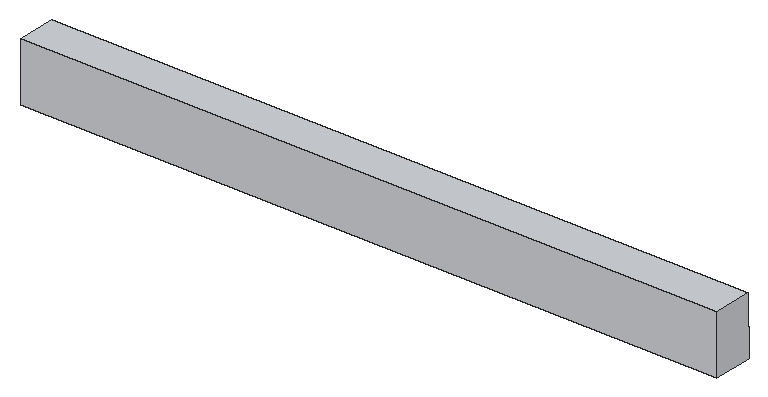
Revit family "1762_ TUPEX ELECTRIC_HL DI", category Lighting Fixtures, Revit 2016
Family settings
  Part Type = Normal
  Round Connector Dimension = Use Diameter
  Work Plane-Based = No
  Always vertical = Yes
  Cut with Voids When Loaded = No
  Light Source = Yes
  Shared = No
  Room Calculation Point = Yes
Parameters
  Wattage = 25 W
  Volts = 220 V
  built-in parameter 1150110 = 1 (stored number, unit not read)
  built-in parameter 1114217 = 1 (stored number, unit not read)
  Tilt Angle = 60.00°
  built-in parameter 1150109 = 1 (stored number, unit not read)
  built-in parameter 1150134 = 3
  built-in parameter 1150113 = 1 (stored number, unit not read)
  Photometric Web File = "1762.IES"
  built-in parameter 1150105 = 222.82 (stored number, unit not read)
  Lumens = 2800 lm
  built-in parameter 1150115 = 1 (stored number, unit not read)
  built-in parameter 1150137 = (empty or 0)
  built-in parameter 1150139 = (empty or 0)
  built-in parameter 1150112 = 1 (stored number, unit not read)
  built-in parameter 1150114 = 1 (stored number, unit not read)
  built-in parameter 1150132 = (empty or 0)
  built-in parameter 1150102 = (empty or 0)
  built-in parameter 1150107 = 3200 (stored number, unit not read)
  built-in parameter 1150138 = (empty or 0)
  built-in parameter 1150106 = 2.2282 (stored number, unit not read)
  Emit from Line Length = 609.6 mm
  built-in parameter 1150104 = 10.405 (stored number, unit not read)
  Dimming Lamp Color Temperature Shift = (empty or 0)
  Color Filter = 16777215
  built-in parameter 1114218 = 1 (stored number, unit not read)
  built-in parameter 1150133 = 10 (stored number, unit not read)
Reference planes
  plane 1 "Center (Front/Back)": y = 0
  plane 2: z = 0
  plane 3 "Center (Left/Right)": x = 0
  plane 4: x = 1185
  plane 5: y = 66
  plane 6: z = -100
Forms (mm)
  Extrusion 1, solid
    sketch origin (0, 0, 0) x (1, 0, 0) y (0, 0, 1)
      loop
        line (0, 0) -> (0, -100) -> (1185, -100) -> (1185, 0) -> (0, 0)
    from -66 to 0
Lines and regions (mm)
  reference lines
    curve 1: line (0, 0, 0) -> (1185, 0, 0)
Dimensions and locks
  aligned and locked: plane 2 to level
Connectors
  electrical at (592.5, 33, 0), driven by "Volts"
    settings: on Extrusion 1, index 1, voltage 220 V, apparent load 0 VA, apparent load phase1 30 VA, apparent load phase2 0 VA, apparent load phase3 0 VA, power factor 1, load classification "Other", number of poles 1, system type 31, power factor state 1, is connector primary yes, connector utility no, sub classification motor no, connector description ""
